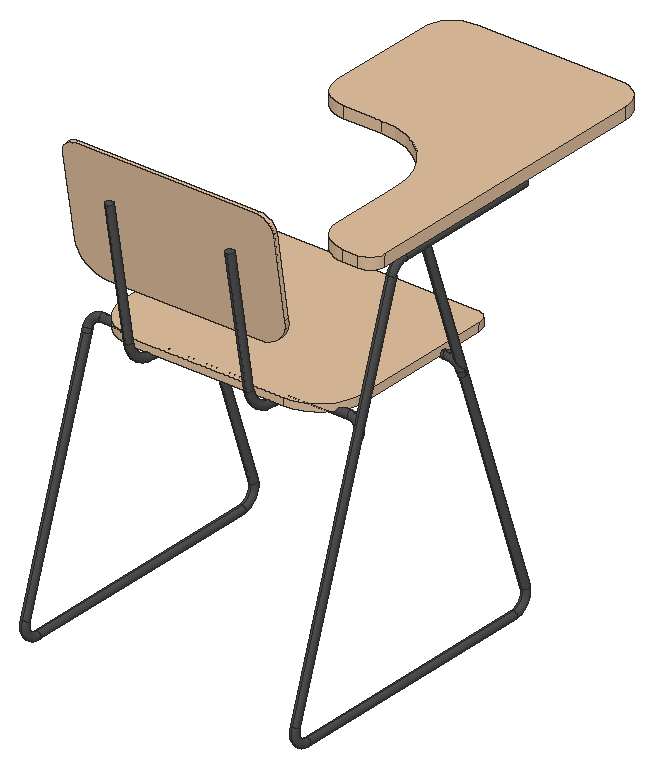
Revit family
Parameters (values of type "Chair - Tablet Arm")
  Material Seat = Wood - Cherry
  Material Tablet = Wood - Cherry
  Material Frame = Metal - Chrome
  Keynote = "N"
  Assembly Code = ""
Reference planes
  plane 1 "Center (Front/Back)": y = 108.931
  plane 2: z = 0
  plane 3 "Center (Left/Right)": x = -179.049
  plane 4: x = 49.551
  plane 5: x = -407.649
  plane 6: y = 7.331
  plane 7: y = 362.931
  plane 8: y = -145.069
  plane 9: y = 210.531
  plane 10: z = 781.05
  plane 11: z = 444.5
  plane 12: z = 419.1
  plane 13: y = -1.503
  plane 14: y = 219.263
  plane 15: through (0, -129.809, 44.506) normal (0, -0.9459, 0.3243)
  plane 16: through (0, 324.756, 111.345) normal (0, -0.9459, -0.3243)
  plane 17: z = 419.1
  plane 18: y = 219.263
  plane 19: y = -1.4
  plane 20: through (0, 17.507, 3.087) normal (0, -0.9848, -0.1736)
  plane 21: z = 457.2
  plane 22: x = -77.449
  plane 23: x = -280.649
  plane 24: z = 704.85
  plane 25: z = 704.85
  plane 26: y = 583.081
  plane 27: x = 241.3
  plane 28: x = 342.9
Forms (mm)
  Sweep 1, solid, material "Metal - Chrome" <- "Material Frame"
    path origin (49.551, 0, 0) x (0, -1, 0) y (0, 0, 1)
      loop
        line (-141.815, 650.785) -> (-351.192, 40.1)
        arc (-351.192, 40.1) -> (-347.907, 17.035) -> (-327.204, 6.35) r 25.4
        line (-327.204, 6.35) -> (109.341, 6.35)
        arc (109.341, 6.35) -> (130.01, 16.987) -> (133.368, 39.988) r 25.4
        line (133.368, 39.988) -> (-70.164, 633.623)
        arc (-70.164, 633.623) -> (-79.428, 646.054) -> (-94.191, 650.785) r 25.4
        line (-94.191, 650.785) -> (-350.656, 650.785)
    profile origin (49.551, 108.932, 0) x (0, 0, 1) y (-1, 0, 0)
      loop
        circle (6.35, 0) r 6.35
  Sweep 2, solid, material "Metal - Chrome" <- "Material Frame"
    path origin (-407.649, 0, 0) x (0, -1, 0) y (0, 0, 1)
      loop
        line (-219.242, 419.093) -> (-349.221, 39.988)
        arc (-349.221, 39.988) -> (-345.863, 16.987) -> (-325.194, 6.35) r 25.4
        line (-325.194, 6.35) -> (107.331, 6.35)
        arc (107.331, 6.35) -> (128, 16.987) -> (131.358, 39.988) r 25.4
        line (131.358, 39.988) -> (1.4, 419.034)
    profile origin (-407.649, 108.931, 0) x (0, 0, 1) y (-1, 0, 0)
      loop
        circle (6.35, 0) r 6.35
  Sweep 3, solid, material "Metal - Chrome" <- "Material Frame"
    path origin (0, -129.809, 44.506) x (0, -0.324324, -0.945946) y (1, 0, 0)
      loop
        line (-395.987, 49.551) -> (-402.695, 49.551)
        arc (-402.695, 49.551) -> (-416.165, 43.971) -> (-421.745, 30.501) r 19.05
        line (-421.745, 30.501) -> (-421.745, -388.599)
        arc (-421.745, -388.599) -> (-416.165, -402.07) -> (-402.695, -407.649) r 19.05
        line (-402.695, -407.649) -> (-395.929, -407.649)
    profile origin (-179.049, -129.809, 44.506) x (0, -0.324324, -0.945946) y (0, -0.945946, 0.324324)
      loop
        circle (-421.745, 0) r 6.35
  Sweep 4, solid, material "Metal - Chrome" <- "Material Frame"
    path origin (0, 324.756, 111.345) x (0, 0.324324, -0.945946) y (1, 0, 0)
      loop
        line (-325.363, 49.551) -> (-334.401, 49.551)
        arc (-334.401, 49.551) -> (-347.871, 43.971) -> (-353.451, 30.501) r 19.05
        line (-353.451, 30.501) -> (-353.451, -382.249)
        arc (-353.451, -382.249) -> (-346.011, -400.21) -> (-328.051, -407.649) r 25.4
        line (-328.051, -407.649) -> (-325.334, -407.649)
    profile origin (-175.874, 324.756, 111.345) x (0, 0.324324, -0.945946) y (0, -0.945946, -0.324324)
      loop
        circle (-353.451, 0) r 6.35
  Extrusion 5, solid, material "Wood - Cherry" <- "Material Seat"
    sketch origin (0, 17.507, 3.087) x (0, 0.173648, -0.984808) y (1, 0, 0)
      loop
        arc (-791.603, -331.449) -> (-784.164, -349.41) -> (-766.203, -356.849) r 25.4
        line (-766.203, -356.849) -> (-623.302, -356.849)
        arc (-623.302, -356.849) -> (-587.381, -341.97) -> (-572.502, -306.049) r 50.8
        line (-572.502, -306.049) -> (-572.502, -52.049)
        arc (-572.502, -52.049) -> (-587.381, -16.128) -> (-623.302, -1.249) r 50.8
        line (-623.302, -1.249) -> (-766.203, -1.249)
        arc (-766.203, -1.249) -> (-784.164, -8.689) -> (-791.603, -26.649) r 25.4
        line (-791.603, -26.649) -> (-791.603, -331.449)
    from 0 to -6.35
  Extrusion 6, solid, material "Wood - Cherry" <- "Material Seat"
    sketch origin (0, 0, 457.2) x (1, 0, 0) y (0, 1, 0)
      loop
        arc (-356.849, 312.131) -> (-374.81, 304.692) -> (-382.249, 286.731) r 25.4
        line (-382.249, 286.731) -> (-382.249, 45.431)
        arc (-382.249, 45.431) -> (-359.931, -8.45) -> (-306.049, -30.769) r 76.2
        line (-306.049, -30.769) -> (-52.049, -30.769)
        arc (-52.049, -30.769) -> (1.832, -8.45) -> (24.151, 45.431) r 76.2
        line (24.151, 45.431) -> (24.151, 286.731)
        arc (24.151, 286.731) -> (16.711, 304.692) -> (-1.249, 312.131) r 25.4
        line (-1.249, 312.131) -> (-356.849, 312.131)
    from -12.7 to 0
  Sweep 7, solid, material "Metal - Chrome" <- "Material Frame"
    path origin (-77.449, 0, 0) x (0, -1, 0) y (0, 0, 1)
      loop
        line (-213.266, 438.15) -> (23.028, 438.15)
        arc (23.028, 438.15) -> (55.681, 450.035) -> (73.056, 480.129) r 50.8
        line (73.056, 480.129) -> (112.68, 704.85)
    profile origin (-77.449, 95.119, 0) x (0, 0, 1) y (-1, 0, 0)
      loop
        circle (438.15, 0) r 6.35
  Sweep 8, solid, material "Metal - Chrome" <- "Material Frame"
    path origin (-280.649, 0, 0) x (0, -1, 0) y (0, 0, 1)
      loop
        line (-213.266, 438.15) -> (23.028, 438.15)
        arc (23.028, 438.15) -> (55.681, 450.035) -> (73.056, 480.129) r 50.8
        line (73.056, 480.129) -> (112.975, 706.519)
    profile origin (-280.649, 95.119, 0) x (0, 0, 1) y (-1, 0, 0)
      loop
        circle (438.15, 0) r 6.35
  Extrusion 9, solid, material "Wood - Cherry" <- "Material Tablet"
    sketch origin (-284.309, 20.031, 0) x (1, 0, 0) y (0, 1, 0)
      loop
        arc (50.8, 583.081) -> (14.879, 568.202) -> (0, 532.281) r 50.8
        line (0, 532.281) -> (0, 353.246)
        arc (0, 353.246) -> (14.879, 317.325) -> (50.8, 302.446) r 50.8
        line (50.8, 302.446) -> (114.3, 302.446)
        arc (114.3, 302.446) -> (204.103, 265.249) -> (241.3, 175.446) r 127
        line (241.3, 175.446) -> (241.3, 50.8)
        arc (241.3, 50.8) -> (256.179, 14.879) -> (292.1, 0) r 50.8
        line (292.1, 0) -> (317.5, 0)
        arc (317.5, 0) -> (335.461, 7.439) -> (342.9, 25.4) r 25.4
        line (342.9, 25.4) -> (342.9, 532.281)
        arc (342.9, 532.281) -> (328.021, 568.202) -> (292.1, 583.081) r 50.8
        line (292.1, 583.081) -> (50.8, 583.081)
    from 660.4 to 679.45
Cuts and joins
  joined: Sweep 1, Sweep 2, Sweep 3, Sweep 4, Sweep 7, Sweep 8
Lines and regions (mm)
  Masking region 1
    outline origin (0, 0, 0) x (1, 0, 0) y (0, 1, 0)
      loop
        line (-119.8, 312.131) -> (-356.849, 312.131)
        arc (-356.849, 312.131) -> (-374.81, 304.692) -> (-382.249, 286.731) r 25.4
        line (-382.249, 286.731) -> (-382.249, 218.361) -> (-401.299, 218.361) -> (-401.299, 353.381) -> (-416.585, 353.381) -> (-416.585, -134.467) -> (-401.299, -134.467) -> (-401.299, 45.431) -> (-382.249, 45.431)
        arc (-382.249, 45.431) -> (-359.931, -8.45) -> (-306.049, -30.769) r 76.2
        line (-306.049, -30.769) -> (-290.977, -30.769) -> (-290.977, -71.448) -> (-344.149, -71.448)
        arc (-344.149, -71.448) -> (-353.129, -75.168) -> (-356.849, -84.148) r 12.7
        line (-356.849, -84.148) -> (-356.849, -113.588)
        arc (-356.849, -113.588) -> (-353.129, -122.569) -> (-344.149, -126.288) r 12.7
        line (-344.149, -126.288) -> (-13.949, -126.288)
        arc (-13.949, -126.288) -> (-4.969, -122.569) -> (-1.249, -113.588) r 12.7
        line (-1.249, -113.588) -> (-1.249, -84.148)
        arc (-1.249, -84.148) -> (-4.969, -75.168) -> (-13.949, -71.448) r 12.7
        line (-13.949, -71.448) -> (-66.859, -71.448) -> (-66.859, -30.769) -> (-52.049, -30.769)
        arc (-52.049, -30.769) -> (-8.055, -16.786) -> (19.793, 20.031) r 76.2
        line (19.793, 20.031) -> (33.191, 20.031)
        arc (33.191, 20.031) -> (38.3, 20.551) -> (43.201, 22.087) r 25.4
        line (43.201, 22.087) -> (43.201, -134.467) -> (58.591, -134.467) -> (58.591, 552.312)
        arc (58.591, 552.312) -> (43.712, 588.233) -> (7.791, 603.112) r 50.8
        line (7.791, 603.112) -> (-233.509, 603.112)
        arc (-233.509, 603.112) -> (-269.43, 588.233) -> (-284.309, 552.312) r 50.8
        line (-284.309, 552.312) -> (-284.309, 373.278)
        arc (-284.309, 373.278) -> (-269.43, 337.357) -> (-233.509, 322.478) r 50.8
        line (-233.509, 322.478) -> (-170.009, 322.478)
        arc (-170.009, 322.478) -> (-144.377, 319.864) -> (-119.8, 312.131) r 127
      loop
        line (-382.249, 203.325) -> (-401.299, 203.325) -> (-401.299, 62.444) -> (-382.249, 62.444) -> (-382.249, 203.325)
      loop
        line (-272.718, -30.769) -> (-272.718, -71.448) -> (-84.76, -71.448) -> (-84.76, -30.769) -> (-272.718, -30.769)
  symbolic lines
    curve 1: line (-356.849, 312.131, 0) -> (-119.8, 312.131, 0)
    curve 2: line (-382.249, 286.731, 0) -> (-382.249, 45.431, 0)
    curve 3: line (-306.049, -30.769, 0) -> (-52.049, -30.769, 0)
    curve 4: arc (-356.849, 312.131, 0) -> (-374.81, 304.692, 0) -> (-382.249, 286.731, 0) r 25.4
    curve 5: arc (-306.049, -30.769, 0) -> (-359.931, -8.45, 0) -> (-382.249, 45.431, 0) r 76.2
    curve 6: line (-344.149, -71.448, 0) -> (-13.949, -71.448, 0)
    curve 7: line (-356.849, -84.148, 0) -> (-356.849, -113.588, 0)
    curve 8: line (-344.149, -126.288, 0) -> (-13.949, -126.288, 0)
    curve 9: line (-1.249, -84.148, 0) -> (-1.249, -113.588, 0)
    curve 10: arc (-344.149, -71.448, 0) -> (-353.129, -75.168, 0) -> (-356.849, -84.148, 0) r 12.7
    curve 11: arc (-344.149, -126.288, 0) -> (-353.129, -122.569, 0) -> (-356.849, -113.588, 0) r 12.7
    curve 12: arc (-13.949, -71.448, 0) -> (-4.969, -75.168, 0) -> (-1.249, -84.148, 0) r 12.7
    curve 13: arc (-1.249, -113.588, 0) -> (-4.969, -122.569, 0) -> (-13.949, -126.288, 0) r 12.7
    curve 14: line (-290.977, -30.769, 0) -> (-272.718, -30.769, 0)
    curve 15: line (-290.977, -30.769, 0) -> (-290.977, -71.448, 0)
    curve 16: line (-290.977, -71.448, 0) -> (-272.718, -71.448, 0)
    curve 17: line (-272.718, -30.769, 0) -> (-272.718, -71.448, 0)
    curve 18: line (-66.859, -30.769, 0) -> (-84.76, -30.769, 0)
    curve 19: line (-66.859, -30.769, 0) -> (-66.859, -71.448, 0)
    curve 20: line (-66.859, -71.448, 0) -> (-84.76, -71.448, 0)
    curve 21: line (-84.76, -30.769, 0) -> (-84.76, -71.448, 0)
    curve 22: line (-382.249, 203.325, 0) -> (-401.299, 203.325, 0)
    curve 23: line (-382.249, 203.325, 0) -> (-382.249, 218.361, 0)
    curve 24: line (-382.249, 218.361, 0) -> (-401.299, 218.361, 0)
    curve 25: line (-401.299, 203.325, 0) -> (-401.299, 218.361, 0)
    curve 26: line (-382.249, 45.431, 0) -> (-401.299, 45.431, 0)
    curve 27: line (-382.249, 45.431, 0) -> (-382.249, 62.444, 0)
    curve 28: line (-382.249, 62.444, 0) -> (-401.299, 62.444, 0)
    curve 29: line (-401.299, 45.431, 0) -> (-401.299, 62.444, 0)
    curve 30: line (-416.585, -134.467, 0) -> (-401.299, -134.467, 0)
    curve 31: line (-416.585, 353.381, 0) -> (-416.585, -134.467, 0)
    curve 32: line (-401.299, 353.381, 0) -> (-416.585, 353.381, 0)
    curve 33: line (-401.299, -134.467, 0) -> (-401.299, 353.381, 0)
    curve 34: line (58.591, -134.467, 0) -> (43.201, -134.467, 0)
    curve 35: line (58.591, 552.312, 0) -> (58.591, -134.467, 0)
    curve 36: line (43.201, -134.467, 0) -> (43.201, 22.087, 0)
    curve 37: line (7.791, 603.112, 0) -> (-233.509, 603.112, 0)
    curve 38: arc (7.791, 603.112, 0) -> (43.712, 588.233, 0) -> (58.591, 552.312, 0) r 50.8
    curve 39: arc (-284.309, 552.312, 0) -> (-269.43, 588.233, 0) -> (-233.509, 603.112, 0) r 50.8
    curve 40: line (-284.309, 552.312, 0) -> (-284.309, 373.278, 0)
    curve 41: arc (-284.309, 373.278, 0) -> (-269.43, 337.357, 0) -> (-233.509, 322.478, 0) r 50.8
    curve 42: line (-233.509, 322.478, 0) -> (-170.009, 322.478, 0)
    curve 43: arc (-170.009, 322.478, 0) -> (-80.206, 285.28, 0) -> (-43.009, 195.478, 0) r 127
    curve 44: line (-43.009, 195.478, 0) -> (-43.009, 70.831, 0)
    curve 45: line (7.791, 20.031, 0) -> (33.191, 20.031, 0)
    curve 46: arc (33.191, 20.031, 0) -> (51.152, 27.471, 0) -> (58.591, 45.431, 0) r 25.4
    curve 47: arc (-43.009, 70.831, 0) -> (-28.13, 34.91, 0) -> (7.791, 20.031, 0) r 50.8
    curve 48: arc (19.363, 18.847, 0) -> (-8.571, -17.147, 0) -> (-52.049, -30.769, 0) r 76.2
Dimensions and locks
  equal spacing: plane 5, plane 3 "Center (Left/Right)", plane 4
  locked: plane 5 to plane 4 at 457.2
  equal spacing: plane 8, plane 1 "Center (Front/Back)", plane 7
  locked: plane 8 to plane 7 at 508
Automatic sketch dimensions
  plane 23 to curve 41 = 3.66 mm
  plane 23 to curve 40 = 3.66 mm
  curve 39 to curve 40 = 0.00 mm  (x2)
  curve 41 to plane 23 = 47.14 mm
  curve 42 to curve 41 = 0.00 mm
  curve 39 to plane 23 = 47.14 mm
  curve 37 to curve 39 = 0.00 mm  (x2)
  plane 3 "Center (Left/Right)" to curve 42 = 9.04 mm
  curve 43 to curve 42 = 0.00 mm
  plane 9 to curve 43 = 15.054 mm
  curve 43 to plane 22 = 34.44 mm
  curve 44 to curve 43 = 0.00 mm  (x2)
  plane 4 to curve 38 = 41.76 mm
  curve 37 to curve 38 = 0.00 mm
  curve 45 to plane 6 = 12.70 mm
  plane 4 to curve 45 = 41.76 mm
  plane 4 to curve 45 = 16.36 mm
  curve 38 to plane 4 = 9.04 mm
  plane 1 "Center (Front/Back)" to curve 44 = 38.10 mm
  curve 42 to curve 43 = 0.00 mm
  curve 41 to curve 42 = 0.00 mm
  curve 40 to curve 41 = 0.00 mm
  curve 40 to curve 40 = 179.035 mm
  curve 38 to plane 7 = 189.381 mm
  plane 5 to curve 31 = 8.936 mm
  curve 28 to plane 5 = 6.35 mm
  curve 33 to plane 5 = 6.35 mm
  curve 22 to plane 5 = 6.35 mm
  plane 9 to curve 23 = 7.206 mm
  curve 22 to curve 23 = 19.05 mm
  curve 26 to curve 5 = 19.05 mm
  curve 11 to plane 8 = 31.48 mm
  curve 30 to curve 11 = 44.45 mm
  curve 2 to curve 4 = 25.40 mm
  curve 10 to curve 10 = 12.70 mm
  curve 11 to curve 8 = 12.70 mm
  plane 23 to curve 3 = 25.40 mm
  plane 23 to curve 16 = 10.328 mm
  curve 17 to plane 23 = 7.931 mm
  plane 22 to curve 1 = 42.351 mm
  plane 22 to curve 18 = 7.311 mm
  curve 19 to plane 22 = 10.59 mm
  curve 48 to plane 22 = 25.40 mm
  curve 48 to curve 47 = 9.04 mm
  curve 19 to curve 12 = 52.91 mm
  curve 13 to curve 12 = 0.00 mm
  curve 12 to curve 12 = 12.70 mm
  curve 47 to plane 6 = 12.70 mm
  plane 4 to curve 47 = 41.76 mm
  curve 47 to curve 48 = 11.572 mm
  plane 4 to curve 46 = 16.36 mm
  plane 4 to curve 36 = 6.35 mm
  curve 35 to plane 4 = 9.04 mm
  curve 46 to plane 4 = 9.04 mm
  curve 33 to plane 8 = 10.601 mm
  curve 34 to plane 8 = 10.601 mm
  curve 9 to curve 9 = 29.44 mm
  curve 20 to curve 6 = 0.00 mm
  curve 17 to curve 6 = 0.00 mm
  plane 6 to curve 14 = 38.10 mm
  curve 5 to curve 14 = 0.00 mm
  curve 18 to curve 3 = 0.00 mm
  curve 48 to plane 6 = 11.515 mm
  curve 46 to plane 6 = 12.70 mm
  curve 26 to curve 29 = 17.013 mm
  curve 24 to plane 9 = 7.83 mm
  curve 23 to curve 4 = 68.37 mm
  plane 7 to curve 32 = 9.551 mm
  curve 35 to plane 7 = 189.381 mm
  plane 5 to Masking region 1 sketch curve = 8.936 mm
  Masking region 1 sketch curve to plane 5 = 6.35 mm  (x3)
  Masking region 1 sketch curve to plane 9 = 7.83 mm
  Masking region 1 sketch curve to Masking region 1 sketch curve = 19.05 mm
  plane 9 to Masking region 1 sketch curve = 7.206 mm
  Masking region 1 sketch curve to Masking region 1 sketch curve = 0.00 mm  (x5)
  Masking region 1 sketch curve to Masking region 1 sketch curve = 44.45 mm
  Masking region 1 sketch curve to Masking region 1 sketch curve = 25.40 mm
  Masking region 1 sketch curve to Masking region 1 sketch curve = 12.70 mm  (x3)
  plane 23 to Masking region 1 sketch curve = 25.40 mm
  plane 23 to Masking region 1 sketch curve = 10.328 mm
  plane 23 to Masking region 1 sketch curve = 3.66 mm
  Masking region 1 sketch curve to plane 23 = 7.931 mm
  Masking region 1 sketch curve to plane 23 = 47.14 mm  (x2)
  plane 3 "Center (Left/Right)" to Masking region 1 sketch curve = 9.04 mm
  plane 22 to Masking region 1 sketch curve = 42.351 mm
  plane 22 to Masking region 1 sketch curve = 7.311 mm
  Masking region 1 sketch curve to plane 22 = 10.59 mm
  Masking region 1 sketch curve to plane 22 = 25.40 mm
  Masking region 1 sketch curve to Masking region 1 sketch curve = 52.91 mm
  Masking region 1 sketch curve to plane 8 = 18.78 mm
  plane 4 to Masking region 1 sketch curve = 41.76 mm
  Masking region 1 sketch curve to plane 6 = 12.70 mm
  plane 4 to Masking region 1 sketch curve = 29.758 mm
  Masking region 1 sketch curve to Masking region 1 sketch curve = 13.398 mm
  plane 4 to Masking region 1 sketch curve = 6.35 mm
  Masking region 1 sketch curve to plane 4 = 9.04 mm
  Masking region 1 sketch curve to plane 8 = 10.601 mm  (x2)
  Masking region 1 sketch curve to Masking region 1 sketch curve = 29.44 mm  (x2)
  plane 6 to Masking region 1 sketch curve = 38.10 mm  (x2)
  Masking region 1 sketch curve to Masking region 1 sketch curve = 2.055 mm
  Masking region 1 sketch curve to Masking region 1 sketch curve = 17.013 mm
  plane 9 to Masking region 1 sketch curve = 15.054 mm
  Masking region 1 sketch curve to Masking region 1 sketch curve = 68.37 mm
  plane 7 to Masking region 1 sketch curve = 9.551 mm
  Masking region 1 sketch curve to Masking region 1 sketch curve = 179.035 mm
